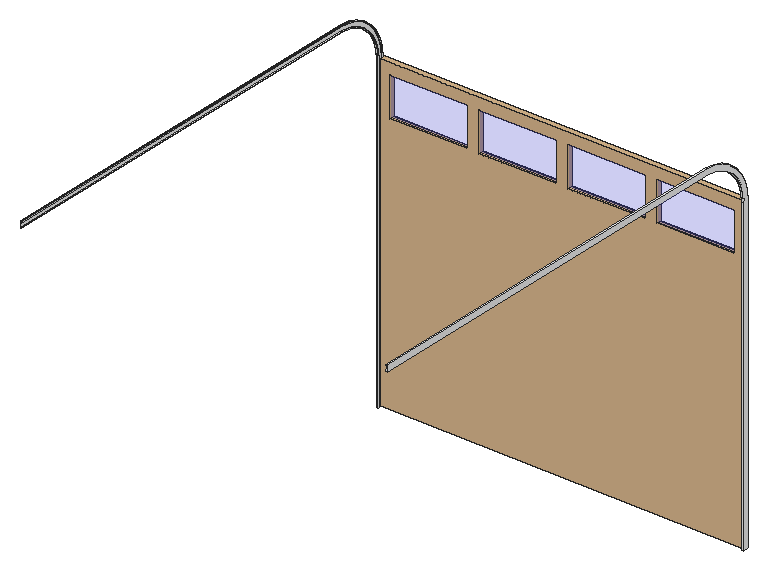
Revit family
Parameters (values of type "7Ft H x 8Ft W")
  Track Width = Width + 0' 2"  # 8' - 2"
  Track Height = Height + 1' 0"  # 8' - 0"
  Track Depth = 10' - 0"
  Track = Metal
  SmartBIM Object Version = 1  # constant formula
  SmartBIM Object Created By = "Reed Construction Data"  # constant formula
  Rough Width = 0' - 0"
  Rough Height = 0' - 0"
  Panel Thickness = 0' - 1 1/2"
  Manufacturer = ""
  Height = 7' - 0"
  Wall Closure = (empty or 0)
  Width = 8' - 0"
  Door Glass = Glass
  Door = Wood
  95 CSI = "08360"  # constant formula
  04 CSI = "08 36 13"  # constant formula
Types (3): name | Track Width | Width
  (no name) | 8' - 2" | 8' - 0"
  7Ft H x 8Ft W | 8' - 2" | 8' - 0"
  7Ft H x 16Ft W | 16' - 2" | 16' - 0"
Reference planes (in)
  plane 1 "Center (Front/Back)": y = 0
  plane 2 "Center (Left/Right)": x = 0
  plane 3 "Left": x = -48
  plane 4 "Right": x = 48
  plane 5 "Top": z = 84
  plane 6: x = -49
  plane 7: x = 49
  plane 8: y = -3.25
  plane 9: z = 81
  plane 10: y = -3.5
  plane 11: y = -3.5
  plane 12 "Ext": y = -4.25
  plane 13: y = -3.5
  plane 14 "Int": y = -2.75
  plane 15: z = 3
  plane 16: z = 58.71429
  plane 17: y = -3.5
  plane 18: z = 69.85714
  plane 19: z = 47.57143
  plane 20: z = 36.42857
  plane 21: z = 25.28571
  plane 22: z = 14.14286
  plane 23: x = -24
  plane 24: x = 24
Forms (in)
  Extrusion 1, solid, material "Wood" <- "Door"
    sketch origin (0, 0, 0) x (1, 0, 0) y (0, 0, 1)
      loop
        line (-49, 84) -> (-49, 0) -> (49, 0) -> (49, 84) -> (-49, 84)
      loop
        line (-46.5, 81) -> (-46.5, 70.35714) -> (-25.5, 70.35714) -> (-25.5, 81) -> (-46.5, 81)
      loop
        line (-1.5, 81) -> (-22.5, 81) -> (-22.5, 70.35714) -> (-1.5, 70.35714) -> (-1.5, 81)
      loop
        line (1.5, 81) -> (1.5, 70.35714) -> (22.5, 70.35714) -> (22.5, 81) -> (1.5, 81)
      loop
        line (46.5, 81) -> (25.5, 81) -> (25.5, 70.35714) -> (46.5, 70.35714) -> (46.5, 81)
    from 2.75 to 4.25
  Extrusion 2, solid, material "Glass" <- "Door Glass"
    sketch origin (0, -4.25, 0) x (1, 0, 0) y (0, 0, 1)
      loop
        line (-46.5, 81) -> (-46.5, 70.35714) -> (-25.5, 70.35714) -> (-25.5, 81) -> (-46.5, 81)
      loop
        line (-22.5, 81) -> (-22.5, 70.35714) -> (-1.5, 70.35714) -> (-1.5, 81) -> (-22.5, 81)
      loop
        line (1.5, 81) -> (1.5, 70.35714) -> (22.5, 70.35714) -> (22.5, 81) -> (1.5, 81)
      loop
        line (25.5, 81) -> (25.5, 70.35714) -> (46.5, 70.35714) -> (46.5, 81) -> (25.5, 81)
    from -1 to -0.5
Lines and regions (in)
  Opening 1
    outline origin (-90, -2.75, 0) x (1, 0, 0) y (0, 0, 1)
      loop
        line (42, 0) -> (138, 0) -> (138, 84) -> (42, 84) -> (42, 0)
  model lines
    curve 1: line (-46.5, -4.25, 59.21429) -> (-46.5, -4.25, 69.35714)
    curve 2: line (46.5, -2.75, 59.21429) -> (46.5, -2.75, 69.35714)
    curve 3: line (-1.5, -4.25, 69.35714) -> (-22.5, -4.25, 69.35714)
    curve 4: line (-46.5, -4.25, 59.21429) -> (-25.5, -4.25, 59.21429)
    curve 5: line (-1.5, -4.25, 69.35714) -> (-1.5, -4.25, 59.21429)
    curve 6: line (-46.5, -4.25, 58.21429) -> (-46.5, -4.25, 48.07143)
    curve 7: line (-1.5, -4.25, 48.07143) -> (-22.5, -4.25, 48.07143)
    curve 8: line (-46.5, -4.25, 58.21429) -> (-25.5, -4.25, 58.21429)
    curve 9: line (-1.5, -4.25, 48.07143) -> (-1.5, -4.25, 58.21429)
    curve 10: line (-46.5, -4.25, 36.92857) -> (-46.5, -4.25, 47.07143)
    curve 11: line (-1.5, -4.25, 47.07143) -> (-22.5, -4.25, 47.07143)
    curve 12: line (-46.5, -4.25, 36.92857) -> (-25.5, -4.25, 36.92857)
    curve 13: line (-1.5, -4.25, 47.07143) -> (-1.5, -4.25, 36.92857)
    curve 14: line (-46.5, -4.25, 35.92857) -> (-46.5, -4.25, 25.78571)
    curve 15: line (-1.5, -4.25, 25.78571) -> (-22.5, -4.25, 25.78571)
    curve 16: line (-46.5, -4.25, 35.92857) -> (-25.5, -4.25, 35.92857)
    curve 17: line (-1.5, -4.25, 25.78571) -> (-1.5, -4.25, 35.92857)
    curve 18: line (-46.5, -4.25, 14.64286) -> (-46.5, -4.25, 24.78571)
    curve 19: line (-1.5, -4.25, 24.78571) -> (-22.5, -4.25, 24.78571)
    curve 20: line (-46.5, -4.25, 14.64286) -> (-25.5, -4.25, 14.64286)
    curve 21: line (-1.5, -4.25, 24.78571) -> (-1.5, -4.25, 14.64286)
    curve 22: line (-46.5, -4.25, 13.64286) -> (-46.5, -4.25, 3)
    curve 23: line (-1.5, -4.25, 3) -> (-22.5, -4.25, 3)
    curve 24: line (-46.5, -4.25, 13.64286) -> (-25.5, -4.25, 13.64286)
    curve 25: line (-1.5, -4.25, 3) -> (-1.5, -4.25, 13.64286)
    curve 26: line (46.5, -4.25, 59.21429) -> (46.5, -4.25, 69.35714)
    curve 27: line (1.5, -4.25, 69.35714) -> (22.5, -4.25, 69.35714)
    curve 28: line (46.5, -4.25, 59.21429) -> (25.5, -4.25, 59.21429)
    curve 29: line (1.5, -4.25, 69.35714) -> (1.5, -4.25, 59.21429)
    curve 30: line (46.5, -4.25, 58.21429) -> (46.5, -4.25, 48.07143)
    curve 31: line (1.5, -4.25, 48.07143) -> (22.5, -4.25, 48.07143)
    curve 32: line (46.5, -4.25, 58.21429) -> (25.5, -4.25, 58.21429)
    curve 33: line (1.5, -4.25, 48.07143) -> (1.5, -4.25, 58.21429)
    curve 34: line (46.5, -4.25, 36.92857) -> (46.5, -4.25, 47.07143)
    curve 35: line (1.5, -4.25, 47.07143) -> (22.5, -4.25, 47.07143)
    curve 36: line (46.5, -4.25, 36.92857) -> (25.5, -4.25, 36.92857)
    curve 37: line (1.5, -4.25, 47.07143) -> (1.5, -4.25, 36.92857)
    curve 38: line (46.5, -4.25, 35.92857) -> (46.5, -4.25, 25.78571)
    curve 39: line (1.5, -4.25, 25.78571) -> (22.5, -4.25, 25.78571)
    curve 40: line (46.5, -4.25, 35.92857) -> (25.5, -4.25, 35.92857)
    curve 41: line (1.5, -4.25, 25.78571) -> (1.5, -4.25, 35.92857)
    curve 42: line (46.5, -4.25, 14.64286) -> (46.5, -4.25, 24.78571)
    curve 43: line (1.5, -4.25, 24.78571) -> (22.5, -4.25, 24.78571)
    curve 44: line (46.5, -4.25, 14.64286) -> (25.5, -4.25, 14.64286)
    curve 45: line (1.5, -4.25, 24.78571) -> (1.5, -4.25, 14.64286)
    curve 46: line (46.5, -4.25, 13.64286) -> (46.5, -4.25, 3)
    curve 47: line (1.5, -4.25, 3) -> (22.5, -4.25, 3)
    curve 48: line (46.5, -4.25, 13.64286) -> (25.5, -4.25, 13.64286)
    curve 49: line (1.5, -4.25, 3) -> (1.5, -4.25, 13.64286)
    curve 50: line (46.5, -2.75, 69.35714) -> (25.5, -2.75, 69.35714)
    curve 51: line (1.5, -2.75, 59.21429) -> (22.5, -2.75, 59.21429)
    curve 52: line (1.5, -2.75, 69.35714) -> (1.5, -2.75, 59.21429)
    curve 53: line (46.5, -2.75, 58.21429) -> (46.5, -2.75, 48.07143)
    curve 54: line (46.5, -2.75, 48.07143) -> (25.5, -2.75, 48.07143)
    curve 55: line (1.5, -2.75, 58.21429) -> (22.5, -2.75, 58.21429)
    curve 56: line (1.5, -2.75, 48.07143) -> (1.5, -2.75, 58.21429)
    curve 57: line (46.5, -2.75, 36.92857) -> (46.5, -2.75, 47.07143)
    curve 58: line (46.5, -2.75, 47.07143) -> (25.5, -2.75, 47.07143)
    curve 59: line (1.5, -2.75, 36.92857) -> (22.5, -2.75, 36.92857)
    curve 60: line (1.5, -2.75, 47.07143) -> (1.5, -2.75, 36.92857)
    curve 61: line (46.5, -2.75, 35.92857) -> (46.5, -2.75, 25.78571)
    curve 62: line (46.5, -2.75, 25.78571) -> (25.5, -2.75, 25.78571)
    curve 63: line (1.5, -2.75, 35.92857) -> (22.5, -2.75, 35.92857)
    curve 64: line (1.5, -2.75, 25.78571) -> (1.5, -2.75, 35.92857)
    curve 65: line (46.5, -2.75, 14.64286) -> (46.5, -2.75, 24.78571)
    curve 66: line (46.5, -2.75, 24.78571) -> (25.5, -2.75, 24.78571)
    curve 67: line (1.5, -2.75, 14.64286) -> (22.5, -2.75, 14.64286)
    curve 68: line (1.5, -2.75, 24.78571) -> (1.5, -2.75, 14.64286)
    curve 69: line (46.5, -2.75, 13.64286) -> (46.5, -2.75, 3)
    curve 70: line (46.5, -2.75, 3) -> (25.5, -2.75, 3)
    curve 71: line (1.5, -2.75, 13.64286) -> (22.5, -2.75, 13.64286)
    curve 72: line (1.5, -2.75, 3) -> (1.5, -2.75, 13.64286)
    curve 73: line (-46.5, -2.75, 59.21429) -> (-46.5, -2.75, 69.35714)
    curve 74: line (-46.5, -2.75, 69.35714) -> (-25.5, -2.75, 69.35714)
    curve 75: line (-1.5, -2.75, 59.21429) -> (-22.5, -2.75, 59.21429)
    curve 76: line (-1.5, -2.75, 69.35714) -> (-1.5, -2.75, 59.21429)
    curve 77: line (-46.5, -2.75, 58.21429) -> (-46.5, -2.75, 48.07143)
    curve 78: line (-46.5, -2.75, 48.07143) -> (-25.5, -2.75, 48.07143)
    curve 79: line (-1.5, -2.75, 58.21429) -> (-22.5, -2.75, 58.21429)
    curve 80: line (-1.5, -2.75, 48.07143) -> (-1.5, -2.75, 58.21429)
    curve 81: line (-46.5, -2.75, 36.92857) -> (-46.5, -2.75, 47.07143)
    curve 82: line (-46.5, -2.75, 47.07143) -> (-25.5, -2.75, 47.07143)
    curve 83: line (-1.5, -2.75, 36.92857) -> (-22.5, -2.75, 36.92857)
    curve 84: line (-1.5, -2.75, 47.07143) -> (-1.5, -2.75, 36.92857)
    curve 85: line (-46.5, -2.75, 35.92857) -> (-46.5, -2.75, 25.78571)
    curve 86: line (-46.5, -2.75, 25.78571) -> (-25.5, -2.75, 25.78571)
    curve 87: line (-1.5, -2.75, 35.92857) -> (-22.5, -2.75, 35.92857)
    curve 88: line (-1.5, -2.75, 25.78571) -> (-1.5, -2.75, 35.92857)
    curve 89: line (-46.5, -2.75, 14.64286) -> (-46.5, -2.75, 24.78571)
    curve 90: line (-46.5, -2.75, 24.78571) -> (-25.5, -2.75, 24.78571)
    curve 91: line (-1.5, -2.75, 14.64286) -> (-22.5, -2.75, 14.64286)
    curve 92: line (-1.5, -2.75, 24.78571) -> (-1.5, -2.75, 14.64286)
    curve 93: line (-46.5, -2.75, 13.64286) -> (-46.5, -2.75, 3)
    curve 94: line (-46.5, -2.75, 3) -> (-25.5, -2.75, 3)
    curve 95: line (-1.5, -2.75, 13.64286) -> (-22.5, -2.75, 13.64286)
    curve 96: line (-1.5, -2.75, 3) -> (-1.5, -2.75, 13.64286)
    curve 97: line (-22.5, -4.25, 69.35714) -> (-22.5, -4.25, 59.21429)
    curve 98: line (-25.5, -4.25, 3) -> (-25.5, -4.25, 13.64286)
    curve 99: line (22.5, -4.25, 3) -> (22.5, -4.25, 13.64286)
    curve 100: line (25.5, -4.25, 69.35714) -> (25.5, -4.25, 59.21429)
    curve 101: line (-25.5, -4.25, 69.35714) -> (-46.5, -4.25, 69.35714)
    curve 102: line (-22.5, -4.25, 59.21429) -> (-1.5, -4.25, 59.21429)
    curve 103: line (-22.5, -4.25, 58.21429) -> (-1.5, -4.25, 58.21429)
    curve 104: line (-25.5, -4.25, 48.07143) -> (-46.5, -4.25, 48.07143)
    curve 105: line (-25.5, -4.25, 47.07143) -> (-46.5, -4.25, 47.07143)
    curve 106: line (-22.5, -4.25, 36.92857) -> (-1.5, -4.25, 36.92857)
    curve 107: line (-22.5, -4.25, 35.92857) -> (-1.5, -4.25, 35.92857)
    curve 108: line (-25.5, -4.25, 25.78571) -> (-46.5, -4.25, 25.78571)
    curve 109: line (-22.5, -4.25, 14.64286) -> (-1.5, -4.25, 14.64286)
    curve 110: line (-22.5, -4.25, 13.64286) -> (-1.5, -4.25, 13.64286)
    curve 111: line (-25.5, -4.25, 3) -> (-46.5, -4.25, 3)
    curve 112: line (25.5, -4.25, 3) -> (46.5, -4.25, 3)
    curve 113: line (22.5, -4.25, 13.64286) -> (1.5, -4.25, 13.64286)
    curve 114: line (22.5, -4.25, 14.64286) -> (1.5, -4.25, 14.64286)
    curve 115: line (25.5, -4.25, 24.78571) -> (46.5, -4.25, 24.78571)
    curve 116: line (25.5, -4.25, 25.78571) -> (46.5, -4.25, 25.78571)
    curve 117: line (22.5, -4.25, 35.92857) -> (1.5, -4.25, 35.92857)
    curve 118: line (22.5, -4.25, 36.92857) -> (1.5, -4.25, 36.92857)
    curve 119: line (25.5, -4.25, 47.07143) -> (46.5, -4.25, 47.07143)
    curve 120: line (25.5, -4.25, 48.07143) -> (46.5, -4.25, 48.07143)
    curve 121: line (22.5, -4.25, 58.21429) -> (1.5, -4.25, 58.21429)
    curve 122: line (22.5, -4.25, 59.21429) -> (1.5, -4.25, 59.21429)
    curve 123: line (25.5, -4.25, 69.35714) -> (46.5, -4.25, 69.35714)
    curve 124: line (-25.5, -4.25, 59.21429) -> (-25.5, -4.25, 69.35714)
    curve 125: line (-22.5, -4.25, 58.21429) -> (-22.5, -4.25, 48.07143)
    curve 126: line (-22.5, -4.25, 47.07143) -> (-22.5, -4.25, 36.92857)
    curve 127: line (-25.5, -4.25, 48.07143) -> (-25.5, -4.25, 58.21429)
    curve 128: line (-22.5, -4.25, 35.92857) -> (-22.5, -4.25, 25.78571)
    curve 129: line (-25.5, -4.25, 36.92857) -> (-25.5, -4.25, 47.07143)
    curve 130: line (-22.5, -4.25, 24.78571) -> (-22.5, -4.25, 14.64286)
    curve 131: line (-25.5, -4.25, 24.78571) -> (-46.5, -4.25, 24.78571)
    curve 132: line (-22.5, -4.25, 13.64286) -> (-22.5, -4.25, 3)
    curve 133: line (-25.5, -4.25, 14.64286) -> (-25.5, -4.25, 24.78571)
    curve 134: line (-25.5, -4.25, 25.78571) -> (-25.5, -4.25, 35.92857)
    curve 135: line (22.5, -4.25, 59.21429) -> (22.5, -4.25, 69.35714)
    curve 136: line (25.5, -4.25, 58.21429) -> (25.5, -4.25, 48.07143)
    curve 137: line (25.5, -4.25, 47.07143) -> (25.5, -4.25, 36.92857)
    curve 138: line (22.5, -4.25, 48.07143) -> (22.5, -4.25, 58.21429)
    curve 139: line (25.5, -4.25, 35.92857) -> (25.5, -4.25, 25.78571)
    curve 140: line (22.5, -4.25, 36.92857) -> (22.5, -4.25, 47.07143)
    curve 141: line (25.5, -4.25, 24.78571) -> (25.5, -4.25, 14.64286)
    curve 142: line (22.5, -4.25, 25.78571) -> (22.5, -4.25, 35.92857)
    curve 143: line (25.5, -4.25, 13.64286) -> (25.5, -4.25, 3)
    curve 144: line (22.5, -4.25, 14.64286) -> (22.5, -4.25, 24.78571)
    curve 145: line (25.5, -2.75, 69.35714) -> (25.5, -2.75, 59.21429)
    curve 146: line (22.5, -2.75, 3) -> (22.5, -2.75, 13.64286)
    curve 147: line (-25.5, -2.75, 3) -> (-25.5, -2.75, 13.64286)
    curve 148: line (-22.5, -2.75, 69.35714) -> (-22.5, -2.75, 59.21429)
    curve 149: line (-25.5, -2.75, 59.21429) -> (-25.5, -2.75, 69.35714)
    curve 150: line (-25.5, -2.75, 59.21429) -> (-46.5, -2.75, 59.21429)
    curve 151: line (-22.5, -2.75, 58.21429) -> (-22.5, -2.75, 48.07143)
    curve 152: line (-25.5, -2.75, 58.21429) -> (-46.5, -2.75, 58.21429)
    curve 153: line (-25.5, -2.75, 48.07143) -> (-25.5, -2.75, 58.21429)
    curve 154: line (-22.5, -2.75, 48.07143) -> (-1.5, -2.75, 48.07143)
    curve 155: line (-22.5, -2.75, 47.07143) -> (-22.5, -2.75, 36.92857)
    curve 156: line (-22.5, -2.75, 47.07143) -> (-1.5, -2.75, 47.07143)
    curve 157: line (-25.5, -2.75, 36.92857) -> (-25.5, -2.75, 47.07143)
    curve 158: line (-25.5, -2.75, 36.92857) -> (-46.5, -2.75, 36.92857)
    curve 159: line (-22.5, -2.75, 35.92857) -> (-22.5, -2.75, 25.78571)
    curve 160: line (-25.5, -2.75, 35.92857) -> (-46.5, -2.75, 35.92857)
    curve 161: line (-22.5, -2.75, 25.78571) -> (-1.5, -2.75, 25.78571)
    curve 162: line (-22.5, -2.75, 24.78571) -> (-1.5, -2.75, 24.78571)
    curve 163: line (-22.5, -2.75, 24.78571) -> (-22.5, -2.75, 14.64286)
    curve 164: line (-25.5, -2.75, 25.78571) -> (-25.5, -2.75, 35.92857)
    curve 165: line (-25.5, -2.75, 14.64286) -> (-25.5, -2.75, 24.78571)
    curve 166: line (-25.5, -2.75, 14.64286) -> (-46.5, -2.75, 14.64286)
    curve 167: line (-25.5, -2.75, 13.64286) -> (-46.5, -2.75, 13.64286)
    curve 168: line (-22.5, -2.75, 13.64286) -> (-22.5, -2.75, 3)
    curve 169: line (22.5, -2.75, 14.64286) -> (22.5, -2.75, 24.78571)
    curve 170: line (25.5, -2.75, 14.64286) -> (46.5, -2.75, 14.64286)
    curve 171: line (25.5, -2.75, 13.64286) -> (25.5, -2.75, 3)
    curve 172: line (25.5, -2.75, 13.64286) -> (46.5, -2.75, 13.64286)
    curve 173: line (22.5, -2.75, 3) -> (1.5, -2.75, 3)
    curve 174: line (-22.5, -2.75, 3) -> (-1.5, -2.75, 3)
    curve 175: line (22.5, -2.75, 25.78571) -> (22.5, -2.75, 35.92857)
    curve 176: line (22.5, -2.75, 25.78571) -> (1.5, -2.75, 25.78571)
    curve 177: line (22.5, -2.75, 24.78571) -> (1.5, -2.75, 24.78571)
    curve 178: line (25.5, -2.75, 24.78571) -> (25.5, -2.75, 14.64286)
    curve 179: line (25.5, -2.75, 35.92857) -> (46.5, -2.75, 35.92857)
    curve 180: line (25.5, -2.75, 36.92857) -> (46.5, -2.75, 36.92857)
    curve 181: line (25.5, -2.75, 35.92857) -> (25.5, -2.75, 25.78571)
    curve 182: line (22.5, -2.75, 36.92857) -> (22.5, -2.75, 47.07143)
    curve 183: line (25.5, -2.75, 47.07143) -> (25.5, -2.75, 36.92857)
    curve 184: line (22.5, -2.75, 47.07143) -> (1.5, -2.75, 47.07143)
    curve 185: line (22.5, -2.75, 48.07143) -> (1.5, -2.75, 48.07143)
    curve 186: line (22.5, -2.75, 48.07143) -> (22.5, -2.75, 58.21429)
    curve 187: line (25.5, -2.75, 58.21429) -> (25.5, -2.75, 48.07143)
    curve 188: line (25.5, -2.75, 58.21429) -> (46.5, -2.75, 58.21429)
    curve 189: line (25.5, -2.75, 59.21429) -> (46.5, -2.75, 59.21429)
    curve 190: line (22.5, -2.75, 59.21429) -> (22.5, -2.75, 69.35714)
    curve 191: line (22.5, -2.75, 69.35714) -> (1.5, -2.75, 69.35714)
    curve 192: line (-22.5, -2.75, 69.35714) -> (-1.5, -2.75, 69.35714)
Text (in)
  text "Exterior" at (-74.96733, 27.31104, 0), in view "Ref. Level"
  text "Interior" at (-76.69036, -30.31274, 0), in view "Ref. Level"
  text "Exterior" at (0, 40.15149, 123.01588), in view "Right"
  text "Interior" at (0, -64.39139, 123.01588), in view "Right"
  text "Interior" at (0, -31.01599, 123.00693), in view "Left"
  text "Exterior" at (0, 54.57065, 123.00693), in view "Left"
Dimensions and locks (in)
  equal spacing: plane 3 "Left", plane 2 "Center (Left/Right)", plane 4 "Right"
  "Width": plane 3 "Left" to plane 4 "Right"
  locked: plane 6 to plane 3 "Left" at 1
  locked: plane 4 "Right" to plane 7 at 1
  locked: plane 9 to plane 5 "Top" at 3
  plane 2 "Center (Left/Right)" to plane 4 "Right" = 4' - 0"
  plane 2 "Center (Left/Right)" to plane 3 "Left" = 4' - 0"
  host wall to plane 8 to plane 10 = 0' - 0 1/2", 0' - 0 1/4"
  equal spacing: plane 12 "Ext", plane 13, plane 14 "Int"
  "Panel Thickness": plane 14 "Int" to plane 12 "Ext"
  plane 5 "Top" to plane 9 = 0' - 3"
  equal spacing: plane 7, plane 2 "Center (Left/Right)", plane 6
  locked: plane 15 to level at 3
  locked: plane 6 to Extrusion 1 sketch curve at 2.5
  locked: plane 2 "Center (Left/Right)" to Extrusion 1 sketch curve at 1.5
  locked: Extrusion 1 sketch curve to plane 2 "Center (Left/Right)" at 1.5
  "Height": plane 5 "Top" to level
  equal spacing: Extrusion 2, plane 17, Extrusion 2
  locked: Extrusion 2 to Extrusion 2 at 0.5
  locked: curve 1 to plane 3 "Left" at 1.5
  locked: curve 2 to plane 4 "Right" at 1.5
  equal spacing: plane 9, plane 18, plane 16, plane 19, plane 20, plane 21, plane 22, plane 15
  locked: Extrusion 1 sketch curve to plane 18 at 0.5
  locked: plane 18 to curve 101 at 0.5
  equal spacing: curve 4, plane 16, curve 8
  locked: curve 4 to curve 8 at 1
  equal spacing: curve 104, plane 19, curve 105
  locked: curve 104 to curve 105 at 1
  equal spacing: curve 12, plane 20, curve 16
  locked: curve 12 to curve 16 at 1
  equal spacing: curve 108, plane 21, curve 131
  locked: curve 108 to curve 131 at 1
  equal spacing: curve 20, plane 22, curve 24
  locked: curve 20 to curve 24 at 1
  locked: curve 26 to plane 4 "Right" at 1.5
  equal spacing: curve 5, plane 2 "Center (Left/Right)", curve 29
  locked: curve 5 to curve 29 at 3
  locked: curve 50 to plane 18 at 0.5
  equal spacing: curve 188, plane 16, curve 189
  locked: curve 188 to curve 189 at 1
  equal spacing: curve 58, plane 19, curve 54
  locked: curve 58 to curve 54 at 1
  equal spacing: curve 179, plane 20, curve 180
  locked: curve 179 to curve 180 at 1
  equal spacing: curve 66, plane 21, curve 62
  locked: curve 66 to curve 62 at 1
  equal spacing: curve 172, plane 22, curve 170
  locked: curve 172 to curve 170 at 1
  equal spacing: curve 52, plane 2 "Center (Left/Right)", curve 76
  locked: curve 52 to curve 76 at 3
  locked: plane 3 "Left" to curve 73 at 1.5
  equal spacing: plane 3 "Left", plane 23, plane 2 "Center (Left/Right)"
  equal spacing: plane 4 "Right", plane 24, plane 2 "Center (Left/Right)"
  equal spacing: curve 97, plane 23, curve 124
  locked: curve 97 to curve 124 at 3
  equal spacing: curve 100, plane 24, curve 135
  locked: curve 100 to curve 135 at 3
  aligned and locked: plane 3 "Left" to Opening 1 sketch curve
  aligned and locked: plane 5 "Top" to Opening 1 sketch curve  (x2)
  aligned and locked: Opening 1 sketch curve to plane 4 "Right"
  aligned and locked: Opening 1 sketch curve to level
  aligned and locked: Extrusion 1 sketch curve to plane 6
  aligned and locked: Extrusion 1 sketch curve to plane 7
  aligned and locked: Extrusion 1 sketch curve to level
  aligned and locked: Extrusion 1 sketch curve to host wall
  aligned and locked: plane 10 to plane 11
  aligned and locked: host wall to plane 14 "Int"
  aligned and locked: plane 11 to plane 13
  aligned and locked: plane 12 "Ext" to Extrusion 1
  aligned and locked: Extrusion 1 to host wall
  aligned and locked: plane 17 to plane 13
  aligned and locked: Extrusion 1 sketch curve to Extrusion 1 sketch curve
  aligned and locked: curve 1 to curve 6
  aligned and locked: curve 10 to curve 6
  aligned and locked: curve 6 to curve 14
  aligned and locked: curve 18 to curve 6
  aligned and locked: curve 6 to curve 22
  aligned and locked: curve 9 to Extrusion 1
  aligned and locked: Extrusion 1 to curve 13
  aligned and locked: curve 17 to Extrusion 1
  aligned and locked: Extrusion 1 to curve 21
  aligned and locked: curve 25 to Extrusion 1
  aligned and locked: curve 23 to plane 15
  aligned and locked: curve 3 to curve 27
  aligned and locked: curve 28 to curve 102
  aligned and locked: curve 33 to curve 29
  aligned and locked: curve 33 to curve 37
  aligned and locked: curve 41 to curve 37
  aligned and locked: curve 41 to curve 45
  aligned and locked: curve 49 to curve 45
  aligned and locked: curve 26 to curve 30
  aligned and locked: curve 34 to curve 30
  aligned and locked: curve 34 to curve 38
  aligned and locked: curve 42 to curve 38
  aligned and locked: curve 42 to curve 46
  aligned and locked: curve 23 to curve 47
  aligned and locked: curve 48 to curve 110
  aligned and locked: curve 44 to curve 109
  aligned and locked: curve 19 to curve 43
  aligned and locked: curve 15 to curve 39
  aligned and locked: curve 40 to curve 107
  aligned and locked: curve 36 to curve 106
  aligned and locked: curve 11 to curve 35
  aligned and locked: curve 7 to curve 31
  aligned and locked: curve 32 to curve 103
  aligned and locked: plane 15 to curve 70
  aligned and locked: curve 2 to curve 53
  aligned and locked: curve 57 to curve 53
  aligned and locked: curve 57 to curve 61
  aligned and locked: curve 65 to curve 61
  aligned and locked: curve 65 to curve 69
  aligned and locked: curve 80 to curve 76
  aligned and locked: curve 80 to curve 84
  aligned and locked: curve 88 to curve 84
  aligned and locked: curve 88 to curve 92
  aligned and locked: curve 96 to curve 92
  aligned and locked: curve 94 to plane 15
  aligned and locked: curve 73 to curve 77
  aligned and locked: curve 81 to curve 77
  aligned and locked: curve 81 to curve 85
  aligned and locked: curve 89 to curve 85
  aligned and locked: curve 89 to curve 93
  aligned and locked: curve 74 to curve 191
  aligned and locked: curve 51 to curve 75
  aligned and locked: curve 55 to curve 79
  aligned and locked: curve 78 to curve 185
  aligned and locked: curve 82 to curve 184
  aligned and locked: curve 59 to curve 83
  aligned and locked: curve 63 to curve 87
  aligned and locked: curve 86 to curve 176
  aligned and locked: curve 90 to curve 177
  aligned and locked: curve 67 to curve 91
  aligned and locked: curve 71 to curve 95
  aligned and locked: Extrusion 2 sketch curve to Extrusion 1  (x16)
  aligned and locked: curve 127 to curve 124
  aligned and locked: curve 129 to curve 127
  aligned and locked: curve 134 to curve 129
  aligned and locked: curve 133 to curve 129
  aligned and locked: curve 98 to curve 129
  aligned and locked: curve 97 to curve 125
  aligned and locked: curve 97 to curve 126
  aligned and locked: curve 97 to curve 128
  aligned and locked: curve 97 to curve 130
  aligned and locked: curve 97 to curve 132
  aligned and locked: curve 138 to curve 135
  aligned and locked: curve 140 to curve 135
  aligned and locked: curve 142 to curve 135
  aligned and locked: curve 144 to curve 135
  aligned and locked: curve 99 to curve 135
  aligned and locked: curve 100 to curve 136
  aligned and locked: curve 100 to curve 137
  aligned and locked: curve 100 to curve 139
  aligned and locked: curve 100 to curve 143
  aligned and locked: nested 1 to plane 2 "Center (Left/Right)"
  aligned and locked: nested 1 to plane 12 "Ext"
Automatic sketch dimensions
  Extrusion 1 sketch curve to plane 9 = 0' - 0"  (x3)
  plane 4 "Right" to Extrusion 1 sketch curve = 0' - 1 1/2"
  plane 2 "Center (Left/Right)" to curve 72 = 0' - 1 1/2"
  curve 68 to curve 71 = 0' - 0"
  plane 2 "Center (Left/Right)" to curve 185 = 0' - 1 1/2"
  plane 2 "Center (Left/Right)" to curve 64 = 0' - 1 1/2"
  curve 184 to curve 185 = 0' - 0"  (x2)
  plane 23 to Extrusion 1 sketch curve = 0' - 1 1/2"
  plane 24 to Extrusion 1 sketch curve = 0' - 1 1/2"
  Extrusion 1 sketch curve to Extrusion 1 sketch curve = 0' - 0"  (x2)
  Extrusion 1 sketch curve to plane 23 = 0' - 1 1/2"
  Extrusion 1 sketch curve to plane 24 = 0' - 1 1/2"
  plane 18 to Extrusion 1 sketch curve = 0' - 0 1/2"
  curve 124 to curve 97 = 0' - 0"
  plane 24 to curve 115 = 0' - 1 1/2"
  plane 19 to curve 125 = 0' - 0 1/2"
  plane 16 to curve 5 = 0' - 0 1/2"
  curve 121 to plane 16 = 0' - 0 1/2"
  curve 37 to plane 19 = 0' - 0 1/2"
  plane 20 to curve 37 = 0' - 0 1/2"
  curve 107 to plane 20 = 0' - 0 1/2"
  plane 21 to curve 15 = 0' - 0 1/2"
  plane 22 to curve 109 = 0' - 0 1/2"
  curve 111 to plane 15 = 0' - 0"
  plane 19 to curve 136 = 0' - 0 1/2"
  curve 142 to plane 20 = 0' - 0 1/2"
  plane 21 to curve 139 = 0' - 0 1/2"
  curve 143 to plane 22 = 0' - 0 1/2"
  curve 99 to plane 22 = 0' - 0 1/2"
  curve 112 to plane 15 = 0' - 0"
  plane 22 to curve 114 = 0' - 0 1/2"
  curve 42 to plane 21 = 0' - 0 1/2"
  curve 144 to plane 21 = 0' - 0 1/2"
  plane 20 to curve 126 = 0' - 0 1/2"
  curve 34 to plane 19 = 0' - 0 1/2"
  curve 30 to plane 16 = 0' - 0 1/2"
  plane 16 to curve 29 = 0' - 0 1/2"
  curve 123 to plane 18 = 0' - 0 1/2"
  curve 153 to plane 16 = 0' - 0 1/2"
  plane 24 to curve 171 = 0' - 1 1/2"
  curve 171 to curve 146 = 0' - 0"
  plane 19 to curve 153 = 0' - 0 1/2"
  plane 23 to curve 154 = 0' - 1 1/2"
  plane 19 to curve 151 = 0' - 0 1/2"
  plane 20 to curve 155 = 0' - 0 1/2"
  curve 90 to plane 23 = 0' - 1 1/2"
  plane 21 to curve 164 = 0' - 0 1/2"
  plane 22 to curve 163 = 0' - 0 1/2"
  plane 23 to curve 174 = 0' - 1 1/2"
  curve 169 to plane 21 = 0' - 0 1/2"
  curve 176 to plane 24 = 0' - 1 1/2"
  curve 175 to plane 20 = 0' - 0 1/2"
  curve 182 to plane 19 = 0' - 0 1/2"
  curve 52 to plane 18 = 0' - 0 1/2"
  curve 146 to plane 24 = 0' - 1 1/2"
  curve 186 to plane 16 = 0' - 0 1/2"
  plane 16 to curve 150 = 0' - 0 1/2"
  plane 24 to curve 145 = 0' - 1 1/2"
  curve 186 to curve 51 = 0' - 0"
  curve 187 to curve 145 = 0' - 0"
  curve 183 to curve 181 = 0' - 0"
  curve 175 to curve 59 = 0' - 0"
  curve 58 to curve 54 = 0' - 0"
  curve 66 to curve 62 = 0' - 0"
  curve 177 to curve 175 = 0' - 0"
  curve 146 to plane 22 = 0' - 0 1/2"
  curve 174 to plane 15 = 0' - 0"
  curve 147 to plane 23 = 0' - 1 1/2"
  curve 147 to curve 165 = 0' - 1"
  plane 23 to curve 91 = 0' - 1 1/2"
  plane 22 to curve 89 = 0' - 0 1/2"
  curve 162 to plane 21 = 0' - 0 1/2"
  plane 21 to curve 159 = 0' - 0 1/2"
  curve 160 to plane 23 = 0' - 1 1/2"
  curve 159 to curve 162 = 0' - 0"
  curve 85 to plane 20 = 0' - 0 1/2"
  plane 20 to curve 81 = 0' - 0 1/2"
  curve 157 to curve 160 = 0' - 0"
  curve 84 to plane 19 = 0' - 0 1/2"
  curve 155 to curve 87 = 0' - 0"
  plane 16 to curve 148 = 0' - 0 1/2"
  curve 149 to curve 152 = 0' - 0"
  plane 23 to curve 75 = 0' - 1 1/2"
  curve 74 to plane 23 = 0' - 1 1/2"
  curve 76 to plane 18 = 0' - 0 1/2"
Nested families (in)
  nested 1: "Door Track" at (-0.5, -65, 0), Width <- "Track Width", Height <- "Track Height", Depth <- "Track Depth", type "Door Track"
    with Width 8' - 2", Height 8' - 0", Depth 10' - 0"
Definition of nested family "Door Track"
  Parameters
    Width [instance] = 10' - 0"
    Track = Metal
    Height [instance] = 11' - 0"
    Depth [instance] = 8' - 0"
  Reference planes (in)
    plane 1 "Center (Front/Back)": y = 0
    plane 2: z = 0
    plane 3 "Center (Left/Right)": x = 0.5
    plane 4 "Back": y = 48
    plane 5 "Front": y = -48
    plane 6 "Left": x = -59.5
    plane 7 "Right": x = 60.5
    plane 8 "Top": z = 132
    plane 9 "Center (Up/Down)": z = 66
    plane 10: y = 48.75
    plane 11: y = 49.5
  Forms (in)
    Sweep 1, solid, material "Metal" <- "Track"
      path origin (60.5, 60, 48) x (0, 1, 0) y (0, 0, 1)
        loop
          line (-12, -48) -> (-12, 72)
          arc (-12, 72) -> (-15.51472, 80.48528) -> (-24, 84) r 12
          line (-24, 84) -> (-108, 84)
      profile origin (60.5, -6, 132) x (0, 0, -1) y (1, 0, 0)
        loop
          line (-1.5, 0) -> (-1.375, 0) -> (-1.375, 0.375) -> (-0.125, 0.375) -> (-0.125, 0) -> (0, 0) -> (0, 0.5) -> (-1.5, 0.5) -> (-1.5, 0)
    Sweep 2, solid, material "Metal" <- "Track"
      path origin (-59.5, 60, 48) x (0, 1, 0) y (0, 0, 1)
        loop
          line (-12, -48) -> (-12, 72)
          arc (-12, 72) -> (-15.51472, 80.48528) -> (-24, 84) r 12
          line (-24, 84) -> (-108, 84)
      profile origin (-59.5, -6, 132) x (0, 0, -1) y (1, 0, 0)
        loop
          line (-1.5, 0) -> (-1.5, -0.5) -> (0, -0.5) -> (0, 0) -> (-0.125, 0) -> (-0.125, -0.375) -> (-1.375, -0.375) -> (-1.375, 0) -> (-1.5, 0)
  Dimensions and locks (in)
    equal spacing: plane 6 "Left", plane 3 "Center (Left/Right)", plane 7 "Right"
    "Width": plane 6 "Left" to plane 7 "Right"
    equal spacing: plane 4 "Back", plane 1 "Center (Front/Back)", plane 5 "Front"
    "Depth": plane 4 "Back" to plane 5 "Front"
    "Height": plane 8 "Top" to plane 2
    equal spacing: plane 8 "Top", plane 9 "Center (Up/Down)", level
    locked: Sweep 2 sketch curve to Sweep 2 sketch curve at 0.125  (x3)
    locked: Sweep 2 sketch curve to Sweep 2 sketch curve at 0.5  (x2)
    locked: Sweep 2 sketch curve to Sweep 2 sketch curve at 1.5
    locked: Sweep 1 sketch curve to Sweep 1 sketch curve at 0.5  (x2)
    locked: Sweep 1 sketch curve to Sweep 1 sketch curve at 0.125  (x3)
    locked: Sweep 1 sketch curve to Sweep 1 sketch curve at 1.5
    equal spacing: plane 4 "Back", plane 10, plane 11
    locked: plane 10 to plane 11 at 0.75
    radius of Sweep 1 sketch curve = 1' - 0"
    radius of Sweep 2 sketch curve = 1' - 0"
    aligned and locked: plane 8 "Top" to Sweep 1 sketch curve  (x2)
    aligned and locked: plane 5 "Front" to Sweep 1 sketch curve
    aligned and locked: plane 4 "Back" to Sweep 1 sketch curve
    aligned and locked: plane 4 "Back" to Sweep 2 sketch curve
    aligned and locked: plane 5 "Front" to Sweep 2 sketch curve
    aligned and locked: level to Sweep 2 sketch curve
    aligned and locked: Sweep 2 sketch curve to profile plane  (x2)
    aligned and locked: Sweep 1 sketch curve to profile plane
    aligned and locked: plane 11 to Sweep 1
  Automatic sketch dimensions
    Sweep 1 sketch curve to level = 0' - 0"
    Sweep 2 sketch curve to plane 8 "Top" = 0' - 0"
